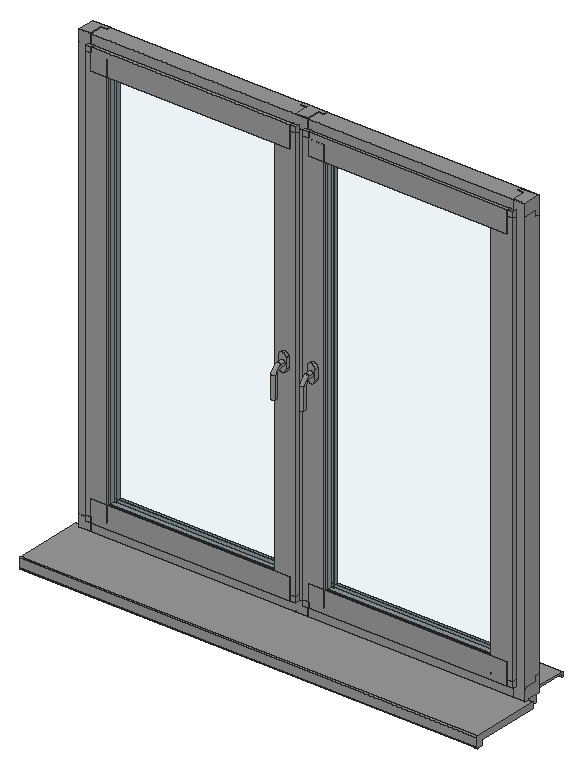
Revit family "deceuninck_okonniy_blok_dvustvorchatiy", category Windows, host Wall, Revit 2016
Family settings
  Host = Wall
  OmniClass Number = 23.30.20.00
  OmniClass Title = Windows
  Always vertical = Yes
  Cut with Voids When Loaded = No
  Shared = No
  Room Calculation Point = No
Parameters (values of type "Энвин ЭКО-60")
  Ширина профиля = 60 mm
  Ширина проема [instance] = ADSK_Ширина рамы + Монтажный зазор.Левый + Монтажный зазор.Правый  # 1640 mm
  Шир прав створка [instance] = if(Одинаковые створки, ADSK_Ширина рамы / 2, Створка правая.Ширина)  # 800 mm
  Четверть.Ширина [instance] = 65 mm
  Четверть.Правая [instance] = if(and(Четверть правая.Видимость, Четверть), Четверть.Ширина, 0 mm)  # 65 mm
  Четверть.Левая [instance] = if(and(Четверть левая.Видимость, Четверть), Четверть.Ширина, 0 mm)  # 65 mm
  Четверть.Глубина [instance] = 120 mm
  Четверть.Высота [instance] = 65 mm
  Четверть правая.Видимость [instance] = yes
  Четверть левая.Видимость [instance] = yes
  Четверть.Врхняя [instance] = if(Четверть, Четверть.Высота, 0 mm)  # 65 mm
  Четверть [instance] = yes
  Цвет профиля = ""
  Формула стеклопакета = ""
  Толщина стеклопакета = "32"
  Стеклопакет.Толщина = 32 mm
  Створка правая.Ширина [instance] = 800 mm
  Створка правая [instance] = stvorka : Поворотная право
  Створка левая.Ширина [instance] = ADSK_Ширина рамы - Шир прав створка  # 800 mm
  Створка левая [instance] = stvorka : Поворотная лево
  Система фурнитуры [instance] = ""
  Расчетное значение ветровой нагрузки [instance] = 400
  Рама.Окно.Ширина [instance] = 1600 mm
  Рама.Окно.Высота [instance] = 1600 mm
  Профильная система = "Энвин ЭКО 60"
  Проем.Окно.Ширина [instance] = 1640 mm
  Проем.Окно.Высота [instance] = 1655 mm
  Приточный клапан [instance] = no
  Watermarked By = ""
  Rough Width = 0 mm  # constant formula
  Rough Height = 0 mm  # constant formula
  Подоконник.Глубина [instance] = 0 mm
  Подоконник. Видимость [instance] = yes
  Подоконник [instance] = podokonnik : ПВХ 250
  Площаль элемента [instance] = ADSK_Ширина рамы * ADSK_Высота рамы / 1000000 mm  # 2.56 mm
  Отлив.Свес [instance] = 35 mm
  Отлив.Видимость [instance] = yes
  Откосы.Глубина [instance] = 310 mm
  Одинаковые створки [instance] = no
  Огнестойкость = "Е-15"
  Наименование = "Окно 2-створчатое Энвин ЭКО-60"
  Монтажный зазор.Спереди [instance] = 10 mm
  Монтажный зазор.Правый [instance] = if(Четверть правая.Видимость, Монтажный зазор.Боковой, 0 mm)  # 20 mm
  Монтажный зазор.Низ [instance] = 10 mm
  Монтажный зазор.Левый [instance] = if(Четверть левая.Видимость, Монтажный зазор.Боковой, 0 mm)  # 20 mm
  Монтажный зазор.Верх [instance] = 20 mm
  Монтажный зазор.Боковой = 20 mm
  Материал-Стеклопакет = none
  Материал-Рама = none
  Материал-Подоконник = ПВХ, белый
  Материал-Отлив = Лист оцинкованый, белый
  Класс профиля = "Тип В"
  Завод-изготовитель [instance] = "ООО Декёнинк Рус, Россия"  # constant formula
  ГОСТ = "ГОСТ 30673-2013"
  Высота створки [instance] = ADSK_Высота рамы - 43 mm * 2  # 1514 mm
  Высота профиля створки = 76 mm
  Высота профиля рамы = 62 mm
  Высота профиля имоста = 82 mm
  Высота проема [instance] = ADSK_Высота рамы + 25 mm + Монтажный зазор.Верх + Монтажный зазор.Низ  # 1655 mm
  Height = 0 mm  # constant formula
  Высота подоконника по умолчанию = 800 mm
  Wall Closure = By host
  Width = 0 mm  # constant formula
  Артикул створки/армирование рстворки = "ZE 60D / AR1"
  Артикул рамы/армирование рамы = "LE 60D / AR1"
  Артикул импоста/армирование импоста = "TE 60D / 20 x 35"
  Analytic Construction = "<Нет>"
  λ краевой зоны стеклопакета = 0.0600 (m²·K)/W
  Rстеклопакета = 0.7600 (m²·K)/W
  Rпрофиля = 0.6800 (m²·K)/W
  Rпривед [instance] = 1 / (((Ширина профиля / 1000 mm) * (5.4 - 4 * (Ширина профиля / 1000 mm)) / (1.8 * Rпрофиля / Rед)) + ((1.2 - 2 * (Ширина профиля / 1000 mm)) * (1.5 - 2 * (Ширина профиля / 1000 mm)) / (1.8 * Rстеклопакета / Rед)) + (5.4 - 8 * (Ширина профиля / 1000 mm)) * (λ краевой зоны стеклопакета / Rед))  # 0.61064
  Rед = 1.0000 (m²·K)/W
  Iфактич [instance] = ""
  Iтреб [instance] = (((Расчетное значение ветровой нагрузки / 1000000) * ((ADSK_Высота рамы / 10) ^ 4) * (Шир прав створка / 20)) / (1 mm * 1920 mm * 210000 mm * (ADSK_Высота рамы / 3000)) * (25 - (40 * ((Шир прав створка / 20) / ADSK_Высота рамы) ^ 2) + (16 * ((Шир прав створка / 20) / ADSK_Высота рамы) ^ 4))) + (((Расчетное значение ветровой нагрузки / 1000000) * ((ADSK_Высота рамы / 10) ^ 4) * (Створка левая.Ширина / 20)) / (1 mm * 1920 mm * 210000 mm * (ADSK_Высота рамы / 3000)) * (25 - (40 * ((Створка левая.Ширина / 20) / ADSK_Высота рамы) ^ 2) + (16 * ((Створка левая.Ширина / 20) / ADSK_Высота рамы) ^ 4)))  # 2.436 mm
  ADSK_Ширина рамы [instance] = 1600 mm
  ADSK_Позиция [instance] = ""
  ADSK_Высота рамы [instance] = 1600 mm
Reference planes
  plane 1 "По центру (Вперед/Назад)": y = 0
  plane 2 "По центру (Влево/Вправо)": x = 0
  plane 3 "Подоконник": z = 800
  plane 4 "Наружный": y = 250
  plane 5 "Внутренние": y = -250
  plane 6: x = -820
  plane 7: x = 820
  plane 8: x = -755
  plane 9: x = 755
  plane 10: y = 130
  plane 11: z = 2400
  plane 12: x = -800
  plane 13: x = 800
  plane 14: z = 775
  plane 15: z = 2420
  plane 16: z = 765
  plane 17: z = 2355
  plane 18: y = 120
  plane 19: y = 60
  plane 20: x = -738
  plane 21: x = 738
  plane 22: z = 2338
  plane 23: z = 862
  plane 24: x = 0
  plane 25: x = -41
  plane 26: x = 41
  plane 27: y = 107
  plane 28: x = 679.372
  plane 29: y = 70
  plane 30: y = 450
Forms (mm)
  Extrusion 1, void
    sketch origin (0, -250, 0) x (1, 0, 0) y (0, 0, 1)
      loop
        line (-820, 2420) -> (-820, 765) -> (820, 765) -> (820, 2420) -> (-820, 2420)
    from 0 to -380
  Extrusion 2, void
    sketch origin (-2200.521, 130, 1000) x (1, 0, 0) y (0, 0, 1)
      loop
        line (1445.521, 1355) -> (1445.521, -235) -> (2955.521, -235) -> (2955.521, 1355) -> (1445.521, 1355)
    from 0 to -320
  Extrusion 3, solid, material <- "Материал-Рама", detail levels fine
    sketch origin (0, 0, 800) x (0, -1, 0) y (-1, 0, 0)
      loop
        line (-120, 800) -> (-120, 738) -> (-107, 738) -> (-107, 758) -> (-60, 758) -> (-60, 800) -> (-120, 800)
      loop
        line (-120, -738) -> (-120, -800) -> (-60, -800) -> (-60, -758) -> (-107, -758) -> (-107, -738) -> (-120, -738)
    from 0 to -1600
  Extrusion 4, solid, material <- "Материал-Рама", detail levels fine
    sketch origin (-750, 0, 0) x (0, -1, 0) y (0, 0, 1)
      loop
        line (-60, 800) -> (-60, 842) -> (-107, 842) -> (-107, 862) -> (-120, 862) -> (-120, 800) -> (-60, 800)
      loop
        line (-60, 2358) -> (-60, 2400) -> (-120, 2400) -> (-120, 2338) -> (-107, 2338) -> (-107, 2358) -> (-60, 2358)
    from 50 to -1550
  Extrusion 5, solid, material <- "Материал-Рама", detail levels fine
    sketch origin (0, 0, 800) x (0, -1, 0) y (-1, 0, 0)
      loop
        line (-120, 41) -> (-120, -41) -> (-107, -41) -> (-107, -21) -> (-60, -21) -> (-60, 21) -> (-107, 21) -> (-107, 41) -> (-120, 41)
    from 0 to -1600
  Extrusion 6, solid, material <- "Материал-Рама"
    sketch origin (-233.865, 107, 2257) x (0, 0, 1) y (-1, 0, 0)
      loop
        line (-1457, 566.135) -> (-1482, 566.135) -> (-1482, -1033.865) -> (-1457, -1033.865) -> (-1457, 566.135)
    from 0 to 37
  Extrusion 7, solid, material "Лист оцинкованый, белый" <- "Материал-Отлив", visible <- "Отлив.Видимость", detail levels fine
    sketch origin (755, 531.754, 1000) x (0, 1, 0) y (0, 0, 1)
      loop
        line (-424.754, -225) -> (-251.754, -225) -> (-251.754, -235) -> (-246.754, -235) -> (-246.754, -220) -> (-424.754, -215) -> (-424.754, -225)
    from 0 to -1510
  Extrusion 8, solid, detail levels medium
    sketch origin (0, 0, 800) x (0, -1, 0) y (-1, 0, 0)
      loop
        line (-120, 800) -> (-120, 738) -> (-60, 738) -> (-60, 800) -> (-120, 800)
      loop
        line (-120, -800) -> (-60, -800) -> (-60, -738) -> (-120, -738) -> (-120, -800)
    from 0 to -1600
  Extrusion 9, solid, detail levels medium
    sketch origin (-750, 0, 0) x (0, -1, 0) y (0, 0, 1)
      loop
        line (-120, 2400) -> (-120, 2338) -> (-60, 2338) -> (-60, 2400) -> (-120, 2400)
      loop
        line (-60, 800) -> (-60, 862) -> (-120, 862) -> (-120, 800) -> (-60, 800)
    from -1550 to 50
  Extrusion 10, solid, detail levels coarse
    sketch origin (0, 0, 800) x (0, -1, 0) y (-1, 0, 0)
      loop
        line (-120, 800) -> (-120, 690) -> (-47, 690) -> (-47, 800) -> (-120, 800)
      loop
        line (-120, -800) -> (-47, -800) -> (-47, -689) -> (-120, -689) -> (-120, -800)
      loop
        line (-47, 89) -> (-120, 89) -> (-120, -90) -> (-47, -90) -> (-47, 89)
    from 0 to -1600
  Extrusion 11, solid, detail levels coarse
    sketch origin (-750, 0, 0) x (0, -1, 0) y (0, 0, 1)
      loop
        line (-120, 2290) -> (-47, 2290) -> (-47, 2400) -> (-120, 2400) -> (-120, 2290)
      loop
        line (-47, 800) -> (-47, 912) -> (-120, 912) -> (-120, 800) -> (-47, 800)
    from -1550 to 50
  Extrusion 12, solid, detail levels medium
    sketch origin (0, 0, 800) x (0, -1, 0) y (-1, 0, 0)
      loop
        line (-120, 21) -> (-120, -21) -> (-60, -21) -> (-60, 21) -> (-120, 21)
    from 0 to -1600
Lines and regions (mm)
  symbolic lines, style "Windows"
    curve 1: line (-800, 130, 0) -> (800, 130, 0)
Text (mm)
  text "Наружный" at (0, 923.751, 2943.296), in view "Справа"
  text "Наружный" at (0, 1040.484, 2685.409), in view "Слева"
Dimensions and locks
  "Высота подоконника по умолчанию": plane 3 "Подоконник" to level
  locked: plane 4 "Наружный" to host wall at 0
  locked: plane 5 "Внутренние" to host wall
  "Четверть.Глубина": plane 10 to plane 4 "Наружный"
  "ADSK_Высота рамы": plane 11 to plane 3 "Подоконник"
  "Монтажный зазор.Верх": plane 15 to plane 11
  locked: plane 3 "Подоконник" to plane 14 at 25
  "Монтажный зазор.Низ": plane 14 to plane 16
  "Четверть.Врхняя": plane 15 to plane 17
  equal spacing: plane 13, plane 2 "По центру (Влево/Вправо)", plane 12
  "ADSK_Ширина рамы": plane 13 to plane 12
  "Четверть.Левая": plane 8 to plane 6
  "Четверть.Правая": plane 7 to plane 9
  "Монтажный зазор.Левый": plane 12 to plane 6
  "Монтажный зазор.Правый": plane 13 to plane 7
  "Монтажный зазор.Спереди": plane 10 to plane 18
  "Ширина профиля": plane 18 to plane 19
  "Высота профиля рамы": plane 12 to plane 20
  locked: Extrusion 3 sketch curve to Extrusion 3 sketch curve at 13  (x2)
  locked: Extrusion 3 sketch curve to Extrusion 3 sketch curve at 20  (x2)
  "Высота профиля рамы": plane 21 to plane 13
  "Высота профиля рамы": plane 11 to plane 22
  "Высота профиля рамы": plane 3 "Подоконник" to plane 23
  locked: Extrusion 4 sketch curve to Extrusion 4 sketch curve at 13  (x2)
  locked: Extrusion 4 sketch curve to Extrusion 4 sketch curve at 20  (x2)
  "Шир прав створка": plane 13 to plane 24
  equal spacing: plane 25, plane 24, plane 26
  "Высота профиля имоста": plane 25 to plane 26
  locked: Extrusion 5 sketch curve to plane 26 at 20
  locked: plane 25 to Extrusion 5 sketch curve at 20
  locked: plane 18 to plane 27 at 13
  locked: plane 29 to plane 19 at 10
  locked: Extrusion 7 sketch curve to Extrusion 7 sketch curve at 5  (x2)
  locked: Extrusion 7 sketch curve to Extrusion 7 sketch curve at 10
  "Отлив.Свес": Extrusion 7 to plane 4 "Наружный"
  locked: plane 4 "Наружный" to plane 30 at 200
  "Откосы.Глубина": plane 19 to plane 5 "Внутренние"
  "Проем.Окно.Высота": plane 15 to plane 16
  "Рама.Окно.Высота": plane 11 to plane 3 "Подоконник"
  "Проем.Окно.Ширина": plane 7 to plane 6
  "Рама.Окно.Ширина": plane 13 to plane 12
  aligned and locked: Extrusion 1 sketch curve to plane 15
  aligned and locked: Extrusion 1 sketch curve to plane 6
  aligned and locked: Extrusion 1 sketch curve to plane 7
  aligned and locked: Extrusion 1 sketch curve to plane 16
  aligned and locked: plane 10 to Extrusion 1
  aligned and locked: Extrusion 2 sketch curve to plane 17
  aligned and locked: Extrusion 2 sketch curve to plane 8
  aligned and locked: Extrusion 2 sketch curve to plane 9
  aligned and locked: Extrusion 2 sketch curve to plane 16
  aligned and locked: Extrusion 3 sketch curve to plane 18
  aligned and locked: Extrusion 3 sketch curve to plane 19
  aligned and locked: Extrusion 3 sketch curve to plane 20
  aligned and locked: Extrusion 3 sketch curve to plane 12
  aligned and locked: plane 18 to Extrusion 3 sketch curve
  aligned and locked: plane 19 to Extrusion 3 sketch curve
  aligned and locked: Extrusion 3 sketch curve to plane 13
  aligned and locked: Extrusion 3 sketch curve to plane 21
  aligned and locked: plane 11 to Extrusion 3
  aligned and locked: Extrusion 4 sketch curve to plane 19  (x2)
  aligned and locked: Extrusion 4 sketch curve to plane 18  (x2)
  aligned and locked: Extrusion 4 sketch curve to plane 23
  aligned and locked: Extrusion 4 sketch curve to plane 3 "Подоконник"
  aligned and locked: Extrusion 4 sketch curve to plane 22
  aligned and locked: Extrusion 4 sketch curve to plane 11
  aligned and locked: Extrusion 4 to plane 13
  aligned and locked: Extrusion 4 to plane 12
  aligned and locked: Extrusion 5 sketch curve to plane 18
  aligned and locked: Extrusion 5 sketch curve to plane 19
  aligned and locked: plane 11 to Extrusion 5
  aligned and locked: plane 27 to nested 1
  aligned and locked: nested 1 to Extrusion 4
  aligned and locked: nested 1 to Extrusion 3
  aligned and locked: Extrusion 5 to nested 1
  aligned and locked: nested 2 to Extrusion 4
  aligned and locked: plane 27 to nested 2
  aligned and locked: Extrusion 3 to nested 2
  aligned and locked: nested 2 to Extrusion 5
  aligned and locked: Extrusion 6 sketch curve to plane 12
  aligned and locked: Extrusion 6 sketch curve to plane 3 "Подоконник"
  aligned and locked: Extrusion 6 sketch curve to plane 14
  aligned and locked: plane 13 to Extrusion 6 sketch curve
  aligned and locked: plane 29 to Extrusion 6
  aligned and locked: nested 3 to plane 3 "Подоконник"
  aligned and locked: plane 29 to nested 3
  aligned and locked: nested 3 to plane 2 "По центру (Влево/Вправо)"
  aligned and locked: plane 14 to Extrusion 7 sketch curve
  aligned and locked: Extrusion 7 to plane 8
  aligned and locked: plane 27 to Extrusion 7 sketch curve
  aligned and locked: plane 30 to Extrusion 2
  aligned and locked: curve 1 to plane 10
  aligned and locked: plane 11 to Extrusion 8
  aligned and locked: Extrusion 9 sketch curve to plane 11
  aligned and locked: Extrusion 9 sketch curve to plane 22
  aligned and locked: Extrusion 9 sketch curve to plane 19  (x2)
  aligned and locked: Extrusion 9 sketch curve to plane 18  (x2)
  aligned and locked: Extrusion 9 sketch curve to plane 3 "Подоконник"
  aligned and locked: Extrusion 9 sketch curve to plane 23
  aligned and locked: Extrusion 9 to plane 13
  aligned and locked: Extrusion 8 sketch curve to plane 20
  aligned and locked: Extrusion 8 sketch curve to plane 19  (x2)
  aligned and locked: Extrusion 8 sketch curve to plane 12
  aligned and locked: plane 13 to Extrusion 8 sketch curve
  aligned and locked: plane 21 to Extrusion 8 sketch curve
  aligned and locked: Extrusion 10 sketch curve to plane 12
  aligned and locked: Extrusion 10 sketch curve to plane 18  (x2)
  aligned and locked: nested 2 to Extrusion 10 sketch curve  (x3)
  aligned and locked: plane 13 to Extrusion 10 sketch curve
  aligned and locked: Extrusion 10 sketch curve to nested 1  (x3)
  aligned and locked: plane 11 to Extrusion 10
  aligned and locked: plane 18 to Extrusion 10 sketch curve
  aligned and locked: Extrusion 10 sketch curve to nested 2
  aligned and locked: Extrusion 11 sketch curve to plane 18
  aligned and locked: Extrusion 10 to Extrusion 11 sketch curve  (x2)
  aligned and locked: Extrusion 11 sketch curve to plane 11
  aligned and locked: Extrusion 11 sketch curve to nested 2
  aligned and locked: Extrusion 11 sketch curve to plane 3 "Подоконник"
  aligned and locked: nested 2 to Extrusion 11 sketch curve
  aligned and locked: Extrusion 11 sketch curve to Extrusion 10
  aligned and locked: Extrusion 11 to plane 13
  aligned and locked: Extrusion 8 sketch curve to plane 18  (x2)
  aligned and locked: Extrusion 12 sketch curve to Extrusion 5  (x3)
  aligned and locked: Extrusion 10 to Extrusion 12 sketch curve
  aligned and locked: plane 11 to Extrusion 12
  aligned and locked: Extrusion 11 to plane 12
  aligned and locked: Extrusion 9 to plane 12
Automatic sketch dimensions
  Extrusion 5 sketch curve to plane 26 = 0 mm
  Extrusion 5 sketch curve to plane 25 = 0 mm
  Extrusion 5 sketch curve to plane 18 = 13 mm  (x2)
  host wall to Extrusion 7 sketch curve = 30 mm
  Extrusion 7 sketch curve to Extrusion 7 sketch curve = 10 mm
  curve 1 to plane 12 = 0 mm
  curve 1 to plane 13 = 0 mm
Nested families
  nested 1: "stvorka" at (389.5, 107, 844), Профиль.Ширина <- "Ширина профиля", Створка.Высота <- "Высота створки", type <- "Створка правая", Стеклопакет.Толщина <- "Стеклопакет.Толщина", type "Поворотная право"
    with Стеклопакет.Толщина 32 mm, Створка.Ширина 737 mm, Створка.Высота 1514 mm, Ручка.Расстояние от низа створки 757 mm, Профиль.Ширина 60 mm, Профиль.Высота 77 mm, Материал.Профиль none
  nested 2: "stvorka" at (-389.5, 107, 844), Профиль.Ширина <- "Ширина профиля", Створка.Высота <- "Высота створки", type <- "Створка левая", Стеклопакет.Толщина <- "Стеклопакет.Толщина", Профиль.Высота <- "Высота профиля створки", type "Поворотная лево"
    with Стеклопакет.Толщина 32 mm, Створка.Ширина 737 mm, Створка.Высота 1514 mm, Ручка.Расстояние от низа створки 757 mm, Профиль.Ширина 60 mm, Профиль.Высота 76 mm, Материал.Профиль none
  nested 3: "podokonnik" at (0, 70, 800), Материал-Подоконник <- "Материал-Подоконник", Длина подоконника <- "Ширина проема", type <- "Подоконник", visible <- "Подоконник. Видимость", type "ПВХ 250", detail levels fine
    with Материал-Подоконник ПВХ, белый, Длина подоконника 1640 mm
Definition of nested family "stvorka"
  Parameters (values of type "Поворотно-откидная лево")
    Стеклопакет.Толщина [instance] = 32 mm
    Створка.Ширина [instance] = 700 mm
    Створка.Открытие = not(Створка.Глухая)  # yes
    Створка.Высота [instance] = 1400 mm
    Ручка.Расстояние от низа створки [instance] = Створка.Высота / 2  # 700 mm
    Ручка справа = yes
    Ручка снизу = no
    Ручка слева = no
    Ручка сверху. = no
    Профиль.Ширина [instance] = 58 mm
    Профиль.Высота [instance] = 77 mm
    Открывание правое = no
    Открывание низ = no
    Открывание левое = yes
    Открывание верх = yes
    Створка.Глухая = no
    Материал.Стеклопакет = none
    Материал.Профиль [instance] = none
    Watermarked By = ""
    Type Comments = "﻿﻿            ​ ﻿     ﻿   ​             ​     ​       ​         ​       ﻿  ​     ​           ​  ​        ​            ﻿         ​   ​                                       ﻿﻿"
    Keynote = "﻿﻿            ​ ﻿     ﻿   ​             ​     ​       ​         ​       ﻿  ​     ​           ​  ​        ​            ﻿         ​   ​                                       ﻿﻿"
    Description = "﻿﻿            ​ ﻿     ﻿   ​             ​     ​       ​         ​       ﻿  ​     ​           ​  ​        ​            ﻿         ​   ​                                       ﻿﻿"
    Assembly Code = "﻿﻿            ​ ﻿     ﻿   ​             ​     ​       ​         ​       ﻿  ​     ​           ​  ​        ​            ﻿         ​   ​                                       ﻿﻿"
    Analytic Construction = "<Нет>"
  Types (5, lengths in mm): name | Створка.Ширина | Створка.Открытие | Створка.Высота | Ручка.Расстояние от низа створки | Ручка справа | Ручка слева | Открывание правое | Открывание левое | Открывание верх | Створка.Глухая
    Глухая | 600 | no | 1500 | 750 | no | no | no | no | no | yes
    Поворотная право | 600 | yes | 1500 | 750 | no | yes | yes | no | no | no
    Поворотная лево | 600 | yes | 1500 | 750 | yes | no | no | yes | no | no
    Поворотно-откидная право | 600 | yes | 1500 | 750 | no | yes | yes | no | yes | no
    Поворотно-откидная лево | 700 | yes | 1400 | 700 | yes | no | no | yes | yes | no
  Reference planes
    plane 1 "По центру (Вперед/Назад)": y = 0
    plane 2: z = 0
    plane 3 "По центру (Влево/Вправо)": x = 0
    plane 4: x = -338
    plane 5: x = 338
    plane 6: y = -58
    plane 7: z = 1400
    plane 8: y = -16
    plane 9: y = -48
    plane 10: y = -51
    plane 11: x = -350
    plane 12: x = 350
    plane 13: z = 12
    plane 14: z = -8
    plane 15: z = 1408
    plane 16: z = 1388
    plane 17: z = 700
    plane 18: x = -358
    plane 19: x = -281
    plane 20: x = 358
    plane 21: x = 281
    plane 22: z = 1331
    plane 23: z = 69
    plane 24: z = 700
  Forms (mm)
    Extrusion 1, solid, material <- "Материал.Профиль", visible <- "Створка.Открытие", detail levels fine
      sketch origin (0, 0, 0) x (1, 0, 0) y (0, 1, 0)
        loop
          line (-338, 0) -> (-338, -45) -> (-358, -45) -> (-358, -58) -> (-281, -58) -> (-281, -51) -> (-301, -51) -> (-301, -13) -> (-281, -13) -> (-284, 0) -> (-338, 0)
        loop
          line (338, 0) -> (284, 0) -> (281, -13) -> (301, -13) -> (301, -51) -> (281, -51) -> (281, -58) -> (358, -58) -> (358, -45) -> (338, -45) -> (338, 0)
      from 12 to 1388
    Extrusion 2, solid, visible <- "Створка.Открытие", detail levels fine
      sketch origin (0, 0, 0) x (1, 0, 0) y (0, 1, 0)
        loop
          line (-301, -13) -> (-301, -51) -> (-281, -51) -> (-281, -48) -> (-291, -48) -> (-291, -16) -> (-281, -16) -> (-281, -13) -> (-301, -13)
        loop
          line (301, -13) -> (281, -13) -> (281, -16) -> (291, -16) -> (291, -48) -> (281, -48) -> (281, -51) -> (301, -51) -> (301, -13)
      from 49 to 1351
    Extrusion 3, solid, material <- "Материал.Профиль", visible <- "Створка.Открытие", detail levels fine
      sketch origin (0, 0, 12) x (0, 1, 0) y (0, 0, 1)
        loop
          line (-58, 57) -> (-58, -20) -> (-45, -20) -> (-45, 0) -> (0, 0) -> (0, 54) -> (-13, 57) -> (-13, 37) -> (-51, 37) -> (-51, 57) -> (-58, 57)
        loop
          line (-58, 1319) -> (-51, 1319) -> (-51, 1339) -> (-13, 1339) -> (-13, 1319) -> (0, 1322) -> (0, 1376) -> (-45, 1376) -> (-45, 1396) -> (-58, 1396) -> (-58, 1319)
      from -338 to 338
    Extrusion 4, solid, visible <- "Створка.Открытие", detail levels fine
      sketch origin (0, 0, 0) x (0, 1, 0) y (0, 0, 1)
        loop
          line (-16, 69) -> (-16, 59) -> (-48, 59) -> (-48, 69) -> (-51, 69) -> (-51, 49) -> (-13, 49) -> (-13, 69) -> (-16, 69)
        loop
          line (-51, 1351) -> (-51, 1331) -> (-48, 1331) -> (-48, 1341) -> (-16, 1341) -> (-16, 1331) -> (-13, 1331) -> (-13, 1351) -> (-51, 1351)
      from -301 to 301
    Extrusion 5, solid, material <- "Материал.Профиль", visible <- "Створка.Открытие", detail levels fine
      sketch origin (-963, -48, 1200) x (-1, 0, 0) y (0, 0, 1)
        loop
          line (-605, 208) -> (-625, 208) -> (-625, 188) -> (-605, 188) -> (-605, 208)
        loop
          line (-1301, 208) -> (-1321, 208) -> (-1321, 188) -> (-1301, 188) -> (-1301, 208)
        loop
          line (-625, -1188) -> (-625, -1208) -> (-605, -1208) -> (-605, -1188) -> (-625, -1188)
        loop
          line (-1321, -1188) -> (-1321, -1208) -> (-1301, -1208) -> (-1301, -1188) -> (-1321, -1188)
      from 3 to -10
    Extrusion 6, solid, material <- "Материал.Стеклопакет", visible <- "Створка.Открытие"
      sketch origin (0, -16, 59) x (0, -1, 0) y (1, 0, 0)
        loop
          line (0, 291) -> (0, -291) -> (32, -291) -> (32, 291) -> (0, 291)
      from 0 to 1282
    Extrusion 7, solid, material <- "Материал.Профиль", visible <- "Створка.Открытие", detail levels medium
      sketch origin (0, 0, 0) x (1, 0, 0) y (0, 1, 0)
        loop
          line (-281, 0) -> (-358, 0) -> (-358, -58) -> (-281, -58) -> (-281, 0)
        loop
          line (358, 0) -> (281, 0) -> (281, -58) -> (358, -58) -> (358, 0)
      from 12 to 1388
    Extrusion 8, solid, material <- "Материал.Профиль", visible <- "Створка.Открытие", detail levels medium
      sketch origin (0, 0, 0) x (0, 1, 0) y (0, 0, 1)
        loop
          line (0, 1408) -> (-58, 1408) -> (-58, 1331) -> (0, 1331) -> (0, 1408)
        loop
          line (0, 69) -> (-58, 69) -> (-58, -8) -> (0, -8) -> (0, 69)
      from -358 to 358
    Extrusion 9, solid, material <- "Материал.Профиль", visible <- "Створка.Глухая", detail levels fine
      sketch origin (0, 0, 0) x (0, 1, 0) y (0, 0, 1)
        loop
          line (-45, 1400) -> (-45, 1383) -> (-38, 1380) -> (-38, 1400) -> (-45, 1400)
        loop
          line (-45, 0) -> (-38, 0) -> (-38, 20) -> (-45, 17) -> (-45, 0)
      from -350 to 350
    Extrusion 10, solid, visible <- "Створка.Глухая", detail levels fine
      sketch origin (0, 0, 0) x (0, 1, 0) y (0, 0, 1)
        loop
          line (0, 1400) -> (-38, 1400) -> (-38, 1380) -> (-35, 1380) -> (-35, 1390) -> (-3, 1390) -> (-3, 1380) -> (0, 1380) -> (0, 1400)
        loop
          line (0, 0) -> (0, 20) -> (-3, 20) -> (-3, 10) -> (-35, 10) -> (-35, 20) -> (-38, 20) -> (-38, 0) -> (0, 0)
      from -350 to 350
    Extrusion 11, solid, visible <- "Створка.Глухая", detail levels fine
      sketch origin (0, 0, 0) x (1, 0, 0) y (0, 1, 0)
        loop
          line (-350, 0) -> (-350, -38) -> (-330, -38) -> (-330, -35) -> (-340, -35) -> (-340, -3) -> (-330, -3) -> (-330, 0) -> (-350, 0)
        loop
          line (350, 0) -> (330, 0) -> (330, -3) -> (340, -3) -> (340, -35) -> (330, -35) -> (330, -38) -> (350, -38) -> (350, 0)
      from 0 to 1400
    Extrusion 12, solid, material <- "Материал.Профиль", visible <- "Створка.Глухая", detail levels fine
      sketch origin (0, 0, 0) x (1, 0, 0) y (0, 1, 0)
        loop
          line (-350, -38) -> (-350, -45) -> (-333, -45) -> (-330, -38) -> (-350, -38)
        loop
          line (350, -38) -> (330, -38) -> (333, -45) -> (350, -45) -> (350, -38)
      from 0 to 1400
    Extrusion 13, solid, material <- "Материал.Стеклопакет", visible <- "Створка.Глухая"
      sketch origin (0, 0, 0) x (1, 0, 0) y (0, 1, 0)
        loop
          line (-340, -3) -> (-340, -35) -> (340, -35) -> (340, -3) -> (-340, -3)
      from 10 to 1390
    Extrusion 14, solid, material <- "Материал.Профиль", visible <- "Створка.Глухая", detail levels medium
      sketch origin (0, 0, 0) x (1, 0, 0) y (0, 1, 0)
        loop
          line (-330, 0) -> (-350, 0) -> (-350, -45) -> (-330, -45) -> (-330, 0)
        loop
          line (350, 0) -> (330, 0) -> (330, -45) -> (350, -45) -> (350, 0)
      from 0 to 1400
    Extrusion 15, solid, material <- "Материал.Профиль", visible <- "Створка.Глухая", detail levels medium
      sketch origin (-350, 682.027, 1200) x (0, 1, 0) y (0, 0, 1)
        loop
          line (-682.027, 180) -> (-682.027, 200) -> (-727.027, 200) -> (-727.027, 180) -> (-682.027, 180)
        loop
          line (-682.027, -1200) -> (-682.027, -1180) -> (-727.027, -1180) -> (-727.027, -1200) -> (-682.027, -1200)
      from 0 to 700
  Lines and regions (mm)
    symbolic lines, visible <- "Открывание правое"
      curve 1: line (281, 0, 1331) -> (-281, 0, 700)
      curve 2: line (-281, 0, 700) -> (281, 0, 69)
    symbolic lines, visible <- "Открывание левое"
      curve 3: line (-281, 0, 1331) -> (281, 0, 700)
      curve 4: line (281, 0, 700) -> (-281, 0, 69)
    symbolic lines, visible <- "Открывание верх"
      curve 5: line (-281, 0, 69) -> (0, 0, 1331)
      curve 6: line (0, 0, 1331) -> (281, 0, 69)
    symbolic lines, visible <- "Открывание низ"
      curve 7: line (-281, 0, 1331) -> (0, 0, 69)
      curve 8: line (0, 0, 69) -> (281, 0, 1331)
    symbolic lines, visible <- "Створка.Глухая"
      curve 9: line (0, 0, 650) -> (0, 0, 750)
      curve 10: line (-50, 0, 700) -> (50, 0, 700)
  Dimensions and locks
    locked: Extrusion 1 sketch curve to Extrusion 1 sketch curve at 13  (x2)
    "Профиль.Ширина": plane 1 "По центру (Вперед/Назад)" to plane 6
    "Стеклопакет.Толщина": plane 8 to plane 9
    locked: plane 8 to plane 1 "По центру (Вперед/Назад)" at 16
    locked: Extrusion 1 to Extrusion 2 sketch curve at 10
    locked: Extrusion 2 sketch curve to Extrusion 1 at 10
    locked: plane 9 to plane 10 at 3
    locked: Extrusion 3 sketch curve to Extrusion 3 sketch curve at 13  (x2)
    locked: Extrusion 4 sketch curve to Extrusion 3 at 10  (x2)
    "Створка.Высота": plane 7 to plane 2
    locked: plane 4 to plane 11 at 12
    locked: plane 12 to plane 5 at 12
    equal spacing: plane 12, plane 3 "По центру (Влево/Вправо)", plane 11
    "Створка.Ширина": plane 12 to plane 11
    locked: plane 15 to plane 7 at 8
    locked: plane 7 to plane 16 at 12
    locked: plane 2 to plane 14 at 8
    locked: plane 13 to plane 2 at 12
    "Профиль.Высота": plane 18 to plane 19
    "Профиль.Высота": plane 21 to plane 20
    locked: plane 21 to Extrusion 2 at 20
    "Профиль.Высота": plane 22 to plane 15
    locked: plane 11 to plane 18 at 8
    locked: plane 20 to plane 12 at 8
    locked: Extrusion 2 to plane 19 at 20
    "Профиль.Высота": plane 23 to plane 14
    "Ручка.Расстояние от низа створки": plane 17 to plane 2
    locked: nested 3 to plane 13 at 18.5
    locked: nested 4 to plane 16 at 18.5
    locked: nested 1 to plane 4 at 18.5
    locked: plane 5 to nested 2 at 18.5
    equal spacing: plane 7, plane 24, plane 2
    locked: Extrusion 10 sketch curve to Extrusion 10 sketch curve at 20  (x2)
    locked: plane 1 "По центру (Вперед/Назад)" to Extrusion 10 sketch curve at 3  (x2)
    "Стеклопакет.Толщина": Extrusion 10 sketch curve to Extrusion 10 sketch curve  (x2)
    locked: plane 11 to Extrusion 11 sketch curve at 10
    locked: Extrusion 11 sketch curve to Extrusion 11 sketch curve at 3  (x2)
    locked: Extrusion 11 sketch curve to plane 1 "По центру (Вперед/Назад)" at 3
    "Стеклопакет.Толщина": Extrusion 11 sketch curve to Extrusion 11 sketch curve  (x2)
    locked: Extrusion 11 sketch curve to plane 12 at 10
    locked: Extrusion 1 to Extrusion 11 sketch curve at 3
    locked: Extrusion 14 to Extrusion 15 sketch curve at 20  (x2)
    locked: Extrusion 11 to Extrusion 14 sketch curve at 20
    locked: Extrusion 14 sketch curve to Extrusion 14 sketch curve at 20
    curve 9 to plane 24 to curve 9 = 50 mm locked, 50 mm locked
    curve 10 to plane 3 "По центру (Влево/Вправо)" to curve 10 = 50 mm locked, 50 mm locked
    locked: Extrusion 7 to Extrusion 1 sketch curve at 13  (x2)
    locked: Extrusion 3 sketch curve to Extrusion 8 at 13  (x2)
    locked: Extrusion 4 to plane 23 at 20
    locked: Extrusion 4 to plane 22 at 20
    locked: Extrusion 14 to Extrusion 13 at 10
    locked: Extrusion 10 sketch curve to Extrusion 13 at 10
    aligned and locked: level to plane 2
    aligned and locked: Extrusion 1 sketch curve to plane 4
    aligned and locked: plane 6 to Extrusion 1 sketch curve
    aligned and locked: plane 1 "По центру (Вперед/Назад)" to Extrusion 1 sketch curve
    aligned and locked: plane 10 to Extrusion 1 sketch curve
    aligned and locked: Extrusion 2 sketch curve to Extrusion 1  (x9)
    aligned and locked: Extrusion 2 sketch curve to plane 9
    aligned and locked: Extrusion 2 sketch curve to plane 8
    aligned and locked: Extrusion 1 sketch curve to plane 5
    aligned and locked: Extrusion 1 sketch curve to plane 6
    aligned and locked: Extrusion 1 sketch curve to plane 1 "По центру (Вперед/Назад)"
    aligned and locked: Extrusion 1 to Extrusion 2 sketch curve
    aligned and locked: plane 6 to Extrusion 3 sketch curve
    aligned and locked: plane 1 "По центру (Вперед/Назад)" to Extrusion 3 sketch curve
    aligned and locked: plane 10 to Extrusion 3 sketch curve
    aligned and locked: plane 13 to Extrusion 3
    aligned and locked: plane 8 to Extrusion 4 sketch curve  (x2)
    aligned and locked: plane 9 to Extrusion 4 sketch curve
    aligned and locked: Extrusion 4 sketch curve to Extrusion 3  (x8)
    aligned and locked: Extrusion 3 to Extrusion 4 sketch curve  (x2)
    aligned and locked: plane 5 to Extrusion 3
    aligned and locked: plane 14 to Extrusion 3
    aligned and locked: Extrusion 3 to plane 4
    aligned and locked: Extrusion 4 to Extrusion 1  (x2)
    aligned and locked: Extrusion 2 to Extrusion 4
    aligned and locked: Extrusion 3 sketch curve to plane 6
    aligned and locked: Extrusion 3 sketch curve to plane 1 "По центру (Вперед/Назад)"
    aligned and locked: plane 15 to Extrusion 3 sketch curve
    aligned and locked: Extrusion 2 to Extrusion 4 sketch curve
    aligned and locked: Extrusion 1 to Extrusion 3  (x2)
    aligned and locked: Extrusion 5 sketch curve to plane 15
    aligned and locked: Extrusion 5 sketch curve to plane 16
    aligned and locked: Extrusion 5 sketch curve to plane 4
    aligned and locked: Extrusion 5 to plane 6
    aligned and locked: Extrusion 2 to Extrusion 3
    aligned and locked: plane 5 to Extrusion 5 sketch curve  (x2)
    aligned and locked: plane 16 to Extrusion 5 sketch curve
    aligned and locked: plane 15 to Extrusion 5 sketch curve
    aligned and locked: plane 18 to Extrusion 1 sketch curve
    aligned and locked: Extrusion 1 sketch curve to plane 19
    aligned and locked: plane 21 to Extrusion 1 sketch curve
    aligned and locked: Extrusion 1 sketch curve to plane 20
    aligned and locked: Extrusion 3 sketch curve to plane 14
    aligned and locked: plane 13 to Extrusion 3 sketch curve
    aligned and locked: Extrusion 3 sketch curve to plane 23
    aligned and locked: plane 22 to Extrusion 3 sketch curve
    aligned and locked: Extrusion 3 sketch curve to plane 16
    aligned and locked: Extrusion 6 sketch curve to plane 8
    aligned and locked: Extrusion 6 sketch curve to plane 9
    aligned and locked: Extrusion 6 sketch curve to Extrusion 2  (x2)
    aligned and locked: Extrusion 6 to Extrusion 4
    aligned and locked: plane 4 to Extrusion 5 sketch curve
    aligned and locked: plane 18 to Extrusion 5 sketch curve
    aligned and locked: plane 13 to Extrusion 5 sketch curve  (x2)
    aligned and locked: plane 14 to Extrusion 5 sketch curve  (x2)
    aligned and locked: Extrusion 5 sketch curve to plane 20
    aligned and locked: Extrusion 7 sketch curve to plane 1 "По центру (Вперед/Назад)"  (x2)
    aligned and locked: Extrusion 7 sketch curve to plane 6  (x2)
    aligned and locked: Extrusion 7 sketch curve to plane 18
    aligned and locked: Extrusion 7 sketch curve to plane 19
    aligned and locked: plane 20 to Extrusion 7 sketch curve
    aligned and locked: plane 21 to Extrusion 7 sketch curve
    aligned and locked: Extrusion 7 to Extrusion 1
    aligned and locked: Extrusion 1 to plane 16
    aligned and locked: Extrusion 7 to Extrusion 3
    aligned and locked: plane 1 "По центру (Вперед/Назад)" to Extrusion 8 sketch curve  (x2)
    aligned and locked: plane 6 to Extrusion 8 sketch curve  (x2)
    aligned and locked: plane 15 to Extrusion 8 sketch curve
    aligned and locked: plane 22 to Extrusion 8 sketch curve
    aligned and locked: Extrusion 8 sketch curve to plane 23
    aligned and locked: plane 14 to Extrusion 8 sketch curve
    aligned and locked: Extrusion 8 to Extrusion 1  (x2)
    aligned and locked: plane 3 "По центру (Влево/Вправо)" to nested 3
    aligned and locked: plane 3 "По центру (Влево/Вправо)" to nested 4
    aligned and locked: nested 1 to plane 17
    aligned and locked: nested 2 to plane 17
    aligned and locked: Extrusion 9 sketch curve to plane 7
    aligned and locked: Extrusion 10 sketch curve to plane 7
    aligned and locked: plane 1 "По центру (Вперед/Назад)" to Extrusion 10 sketch curve
    aligned and locked: Extrusion 10 sketch curve to Extrusion 10 sketch curve  (x2)
    aligned and locked: Extrusion 10 sketch curve to plane 1 "По центру (Вперед/Назад)"
    aligned and locked: Extrusion 9 sketch curve to plane 2
    aligned and locked: Extrusion 9 sketch curve to Extrusion 10
    aligned and locked: Extrusion 9 to plane 11
    aligned and locked: Extrusion 10 to plane 11
    aligned and locked: plane 12 to Extrusion 10
    aligned and locked: plane 12 to Extrusion 9
    aligned and locked: Extrusion 11 sketch curve to plane 11
    aligned and locked: Extrusion 11 sketch curve to plane 12
    aligned and locked: plane 1 "По центру (Вперед/Назад)" to Extrusion 11 sketch curve
    aligned and locked: Extrusion 12 sketch curve to Extrusion 11
    aligned and locked: Extrusion 12 sketch curve to plane 11
    aligned and locked: Extrusion 12 sketch curve to Extrusion 9  (x2)
    aligned and locked: Extrusion 10 to Extrusion 12 sketch curve
    aligned and locked: Extrusion 12 sketch curve to plane 12
    aligned and locked: plane 7 to Extrusion 12
    aligned and locked: plane 7 to Extrusion 11
    aligned and locked: Extrusion 13 sketch curve to Extrusion 11  (x4)
    aligned and locked: Extrusion 13 to Extrusion 10  (x2)
    aligned and locked: Extrusion 14 sketch curve to plane 1 "По центру (Вперед/Назад)"  (x2)
    aligned and locked: Extrusion 14 sketch curve to plane 11
    aligned and locked: Extrusion 14 sketch curve to plane 12
    aligned and locked: plane 7 to Extrusion 14
    aligned and locked: Extrusion 15 sketch curve to Extrusion 10
    aligned and locked: plane 7 to Extrusion 15 sketch curve
    aligned and locked: plane 2 to Extrusion 15 sketch curve
    aligned and locked: plane 1 "По центру (Вперед/Назад)" to Extrusion 15 sketch curve
    aligned and locked: curve 10 to plane 24
    aligned and locked: Extrusion 14 sketch curve to Extrusion 12  (x2)
    aligned and locked: Extrusion 5 to Extrusion 1
    aligned and locked: plane 12 to Extrusion 15
    aligned and locked: Extrusion 9 to Extrusion 1  (x2)
    aligned and locked: Extrusion 15 sketch curve to Extrusion 1  (x2)
  Automatic sketch dimensions
    curve 4 to plane 19 = 0 mm
    curve 1 to plane 17 = 0 mm
    curve 1 to plane 19 = 0 mm
    curve 3 to plane 19 = 0 mm
    curve 6 to plane 3 "По центру (Влево/Вправо)" = 0 mm
    curve 9 to plane 3 "По центру (Влево/Вправо)" = 0 mm
    curve 8 to plane 3 "По центру (Влево/Вправо)" = 0 mm
    plane 21 to curve 8 = 0 mm
    curve 4 to plane 17 = 0 mm
    plane 21 to curve 4 = 0 mm
    plane 21 to curve 2 = 0 mm
    curve 7 to plane 23 = 0 mm
    curve 5 to plane 23 = 0 mm
    curve 2 to plane 23 = 0 mm
    curve 8 to plane 22 = 0 mm
    curve 3 to plane 22 = 0 mm
    curve 6 to plane 22 = 0 mm
    Extrusion 1 sketch curve to plane 19 = 0 mm
    Extrusion 1 sketch curve to plane 21 = 0 mm
    plane 10 to Extrusion 1 sketch curve = 0 mm
    Extrusion 1 sketch curve to Extrusion 1 sketch curve = 20 mm  (x2)
    Extrusion 1 sketch curve to plane 19 = 3 mm
    Extrusion 1 sketch curve to plane 21 = 3 mm
    Extrusion 2 sketch curve to plane 9 = 0 mm
    plane 8 to Extrusion 2 sketch curve = 0 mm
    Extrusion 3 sketch curve to plane 10 = 0 mm
    Extrusion 3 sketch curve to plane 23 = 0 mm
    plane 22 to Extrusion 3 sketch curve = 0 mm
    Extrusion 3 sketch curve to plane 23 = 3 mm
    Extrusion 3 sketch curve to plane 22 = 3 mm
    plane 20 to Extrusion 5 sketch curve = 0 mm
    Extrusion 5 sketch curve to plane 18 = 0 mm
    plane 9 to Extrusion 9 sketch curve = 10 mm
    plane 13 to Extrusion 9 sketch curve = 5 mm
    plane 13 to Extrusion 9 sketch curve = 8 mm
    plane 16 to Extrusion 9 sketch curve = 8 mm
    plane 16 to Extrusion 9 sketch curve = 5 mm
    plane 4 to Extrusion 12 sketch curve = 5 mm
    plane 4 to Extrusion 12 sketch curve = 8 mm
    Extrusion 12 sketch curve to plane 5 = 8 mm
    Extrusion 12 sketch curve to plane 5 = 5 mm
    plane 9 to Extrusion 9 sketch curve = 3 mm  (x2)
    Extrusion 3 sketch curve to plane 22 = 20 mm
    Extrusion 3 sketch curve to plane 23 = 20 mm
    plane 9 to Extrusion 10 sketch curve = 10 mm
    Extrusion 10 sketch curve to Extrusion 10 sketch curve = 3 mm
    Extrusion 10 sketch curve to plane 13 = 2 mm
    Extrusion 10 sketch curve to plane 16 = 2 mm
    plane 1 "По центру (Вперед/Назад)" to Extrusion 11 sketch curve = 0 mm
    plane 4 to Extrusion 11 sketch curve = 8 mm  (x2)
    Extrusion 11 sketch curve to plane 5 = 8 mm  (x2)
  Nested families
    nested 1: "ruchka" at (-319.5, -58, 700) x (1, 0, 0) z (0, -1, 0), visible <- "Ручка слева", type "ruchka", detail levels fine
    nested 2: "ruchka" at (319.5, -58, 700) x (1, 0, 0) z (0, -1, 0), visible <- "Ручка справа", Маериал.Ручка <- "Материал.Профиль", type "ruchka", detail levels fine
    nested 3: "ruchka" at (0, -58, 30.5) x (0, 0, 1) z (0, -1, 0), visible <- "Ручка снизу", Маериал.Ручка <- "Материал.Профиль", type "ruchka", detail levels fine
    nested 4: "ruchka" at (0, -58, 1369.5) x (0, 0, 1) z (0, -1, 0), visible <- "Ручка сверху.", Маериал.Ручка <- "Материал.Профиль", type "ruchka", detail levels fine
  Definition of nested family "ruchka"
    Parameters (values of type "ruchka")
      Watermarked By = ""
      Type Comments = "﻿﻿ ​ ​​​​​​         ​       ​ ﻿ ​ ​ ﻿     ﻿ ​       ﻿   ﻿     ﻿   ​       ﻿  ﻿ ﻿   ﻿ ﻿   ﻿        ​﻿ ﻿ ﻿         ﻿     ﻿    ﻿﻿​   ﻿       ﻿                       ﻿​  ﻿  ​  ﻿﻿"
      Keynote = "﻿﻿ ​ ​​​​​​         ​       ​ ﻿ ​ ​ ﻿     ﻿ ​       ﻿   ﻿     ﻿   ​       ﻿  ﻿ ﻿   ﻿ ﻿   ﻿        ​﻿ ﻿ ﻿         ﻿     ﻿    ﻿﻿​   ﻿       ﻿                       ﻿​  ﻿  ​  ﻿﻿"
      Description = "﻿﻿ ​ ​​​​​​         ​       ​ ﻿ ​ ​ ﻿     ﻿ ​       ﻿   ﻿     ﻿   ​       ﻿  ﻿ ﻿   ﻿ ﻿   ﻿        ​﻿ ﻿ ﻿         ﻿     ﻿    ﻿﻿​   ﻿       ﻿                       ﻿​  ﻿  ​  ﻿﻿"
      Default Elevation = 1219.2 mm
      Маериал.Ручка [instance] = none
      Assembly Code = "﻿﻿ ​ ​​​​​​         ​       ​ ﻿ ​ ​ ﻿     ﻿ ​       ﻿   ﻿     ﻿   ​       ﻿  ﻿ ﻿   ﻿ ﻿   ﻿        ​﻿ ﻿ ﻿         ﻿     ﻿    ﻿﻿​   ﻿       ﻿                       ﻿​  ﻿  ​  ﻿﻿"
      Analytic Construction = "<Нет>"
    Reference planes
      plane 1 "По центру (Вперед/Назад)": y = 0
      plane 2: z = 0
      plane 3 "По центру (Влево/Вправо)": x = 0
    Forms (mm)
      Extrusion 1, solid
        sketch origin (0, 0, 0) x (1, 0, 0) y (0, 1, 0)
          loop
            line (-1219.2, 1219.2) -> (-1219.2, -1219.2) -> (1219.2, -1219.2) -> (1219.2, 1219.2) -> (-1219.2, 1219.2)
        from 0 to -304.8
      Extrusion 2, solid, material <- "Маериал.Ручка"
        sketch origin (-1, 0, 0) x (0, -1, 0) y (1, 0, 0)
          loop
            arc (-18, 15) -> (-32, 1) -> (-18, -13) r 14
            line (-18, -13) -> (18, -13)
            arc (18, -13) -> (32, 1) -> (18, 15) r 14
            line (18, 15) -> (-18, 15)
        from 0 to 10
      Sweep 3, solid, material <- "Маериал.Ручка"
        path origin (0, 0, 0) x (0, -1, 0) y (0, 0, 1)
          loop
            line (0, 10) -> (0, 30)
            arc (0, 30) -> (7.903, 42.097) -> (20, 50) r 35.203
            line (20, 50) -> (100, 50)
        profile origin (0, 0, 20) x (0, 1, 0) y (-1, 0, 0)
          loop
            line (0, 7) -> (-7, 7) -> (-7, -7) -> (0, -7)
            arc (0, -7) -> (7, 0) -> (0, 7) r 7
    Dimensions and locks
      aligned and locked: plane 2 to Extrusion 1
      aligned and locked: level to Extrusion 1
Definition of nested family "podokonnik"
  Parameters (values of type "ПВХ 150")
    Материал-Подоконник [instance] = none
    Длина подоконника [instance] = 1500 mm
    Глубина подоконника = 150 mm
    Watermarked By = ""
    Type Comments = "﻿﻿            ​ ﻿     ﻿   ​             ​     ​       ​         ​       ﻿  ​     ​           ​  ​        ​            ﻿         ​   ​                                       ﻿﻿"
    Keynote = "﻿﻿            ​ ﻿     ﻿   ​             ​     ​       ​         ​       ﻿  ​     ​           ​  ​        ​            ﻿         ​   ​                                       ﻿﻿"
    Description = "﻿﻿            ​ ﻿     ﻿   ​             ​     ​       ​         ​       ﻿  ​     ​           ​  ​        ​            ﻿         ​   ​                                       ﻿﻿"
    Assembly Code = "﻿﻿            ​ ﻿     ﻿   ​             ​     ​       ​         ​       ﻿  ​     ​           ​  ​        ​            ﻿         ​   ​                                       ﻿﻿"
  Types (13, lengths in mm): name | Глубина подоконника
    ПВХ 100 | 100
    ПВХ 150 | 150
    ПВХ 200 | 200
    ПВХ 250 | 250
    ПВХ 300 | 300
    ПВХ 350 | 350
    ПВХ 400 | 400
    ПВХ 450 | 450
    ПВХ 500 | 500
    ПВХ 550 | 550
    ПВХ 600 | 600
    ПВХ 650 | 650
    ПВХ 700 | 700
  Reference planes
    plane 1 "По центру (Вперед/Назад)": y = 0
    plane 2: z = 0
    plane 3 "По центру (Влево/Вправо)": x = 0
    plane 4: y = -150
    plane 5: x = 750
    plane 6: x = -750
  Forms (mm)
    Extrusion 1, solid, material <- "Материал-Подоконник"
      sketch origin (0, 0, 0) x (0, 1, 0) y (0, 0, 1)
        loop
          line (0, 0) -> (-146, 0)
          arc (-146, 0) -> (-148.828, -1.172) -> (-150, -4) r 4
          line (-150, -4) -> (-150, -36)
          arc (-150, -36) -> (-148.828, -38.828) -> (-146, -40) r 4
          line (-146, -40) -> (-130, -40) -> (-130, -20) -> (0, -20) -> (0, 0)
      from -750 to 750
  Dimensions and locks
    "Глубина подоконника": plane 1 "По центру (Вперед/Назад)" to plane 4
    equal spacing: plane 6, plane 3 "По центру (Влево/Вправо)", plane 5
    "Длина подоконника": plane 6 to plane 5
    aligned and locked: level to plane 2
    aligned and locked: plane 2 to Extrusion 1 sketch curve
    aligned and locked: plane 4 to Extrusion 1 sketch curve  (x2)
    aligned and locked: plane 5 to Extrusion 1
    aligned and locked: Extrusion 1 to plane 6
  Automatic sketch dimensions
    Extrusion 1 sketch curve to plane 1 "По центру (Вперед/Назад)" = 0 mm
    Extrusion 1 sketch curve to level = 20 mm
    Extrusion 1 sketch curve to level = 4 mm
    Extrusion 1 sketch curve to Extrusion 1 sketch curve = 16 mm  (x2)
    Extrusion 1 sketch curve to Extrusion 1 sketch curve = 4 mm
